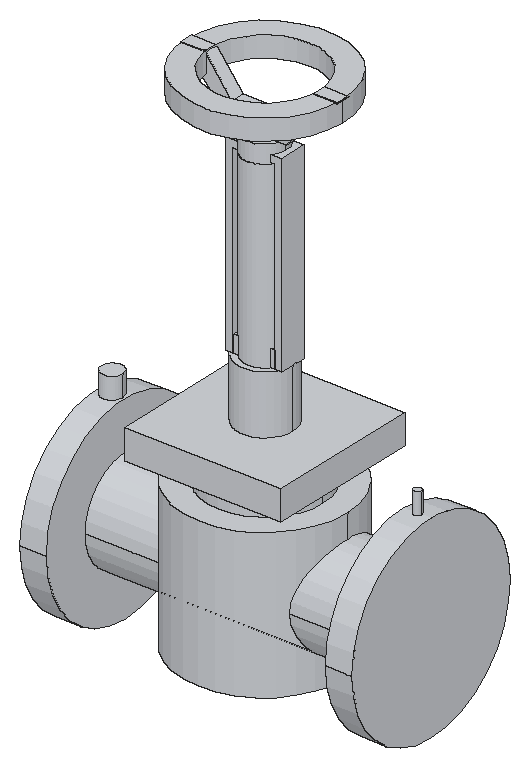
Revit family "Sigma_Compact_DN150-LF_PN16_RFA_2019", category Pipe Accessories, Revit 2019
Family settings
  Round Connector Dimension = Use Diameter
  Part Type = Valve - Breaks Into
  Work Plane-Based = No
  Always vertical = Yes
  Cut with Voids When Loaded = No
  Shared = No
Parameters (values of type "Sigma Compact DN 150 LF PN16")
  magiProductId = "cb5ac98de80a46389b4a96eb8539c2"
  magiProductFamilyId = "111bdfd32e424cd9a1e5f1ca7ea2b6"
  magiPartTypeId = 304
  isMeasuringValve [instance] = no
  ang2D [instance] = 0.00°
  W2D = 50 mm
  VersionID = "2.0/2018.12.13.2/FRESE_SIGMA_C_BIG_Q13_001"
  Use Minimum Symbol Size [instance] = no
  URL = "www.hydronix.cz"
  Type Comments = "přírubový; PN16; max dp=800kPa; 0~+110°C; max uzavírací tlak 1MPa"
  R4 = 84 mm
  R3 = 74.1 mm
  R1 = 120 mm
  QmdConnectorList = "301;D;302;D"
  Productdata [instance] = ""
  Manufacturer = "Hydronix"
  Maintenance Zone Under Depth [instance] = 100 mm
  Maintenance Zone Right Depth [instance] = 100 mm
  Maintenance Zone Over Depth [instance] = 100 mm
  Maintenance Zone Left Depth [instance] = 100 mm
  Maintenance Zone Front Depth [instance] = 100 mm
  Maintenance Zone Back Depth [instance] = 100 mm
  Maintenance Zone Front Visibility [instance] = no
  MC Use Limits From Balancing Method = no
  MC Throttling Minimum Value = 0
  MC Throttling Maximum Value = 0
  MC Product Code = "53-2405 DN150; PN16; (25600-148000 l/h); kvs=250"
  MC Pressure Drop Minimum Value = 0.0 Pa
  MC Pressure Drop Maximum Value = 0.0 Pa
  MC Piping Given Pressure Drop [instance] = 0.0 Pa
  LF__ve = -LF  # -38.4 mm
  LF2 = 19.2 mm
  LF = 38.4 mm
  L432 = 39.48 mm
  L43 = 78.96 mm
  L42 = 112.8 mm
  L4 = 225.6 mm
  L3 = 403.2 mm
  L2D_Min = 30.48 mm
  L2D = 230 mm
  L2 = 240 mm
  HH12 = 13 mm
  HH1 = 26 mm
  HDF__ve = -HDF  # -391 mm
  HDF = 391 mm
  H6 = 85 mm
  H4 = 42.75 mm
  H3 = 35.625 mm
  H2 = 106.875 mm
  H11 = 213.75 mm
  H1 = 782 mm
  H = 676 mm
  Description = "Automatický vyvažovací ventil"
  DF2 = 142.5 mm
  D = 150 mm
  Clearance Zone Height Depth [instance] = 100 mm
  Clearance Zone Circular Radius [instance] = 240 mm
  Clearance Zone Visibility [instance] = no
  CAT0 = yes
Types (9, lengths in mm): name | magiProductId | Type Comments | R4 | R3 | R1 | MC Product Code | LF__ve | LF2 | LF | L432 | L43 | L42 | L4 | L3 | L2 | HH12 | HH1 | HDF__ve | HDF | H4 | H3 | H2 | H11 | H1 | H | DF2 | D | Clearance Zone Circular Radius
  Sigma Compact DN 050 LF PN16 | "7ce002c265594233b83d195dc264f1" | "přírubový; PN16; max dp=800kPa; 0~+120°C; max uzavírací tlak 1MPa" | 40.25 | 42.9 | 57.5 | "53-2400 DN50; PN16; (2480-15000 l/h); kvs=34" | -18.4 | 9.2 | 18.4 | 18.917 | 37.835 | 54.05 | 108.1 | 193.2 | 115 | 16.5 | 33 | -202 | 202 | 24.75 | 20.625 | 61.875 | 123.75 | 480 | 367 | 82.5 | 50 | 115
  Sigma Compact DN 065 LF PN16 | "7b440009bc83499eb1c9a6fd3b4fee" | "přírubový; PN16; max dp=800kPa; 0~+120°C; max uzavírací tlak 1MPa" | 50.75 | 48.1 | 72.5 | "53-2401 DN65; PN16; (4380-25000 l/h); kvs=50" | -23.2 | 11.6 | 23.2 | 23.853 | 47.705 | 68.15 | 136.3 | 243.6 | 145 | 16.5 | 33 | -199 | 199 | 27.75 | 23.125 | 69.375 | 138.75 | 497 | 384 | 92.5 | 65 | 145
  Sigma Compact DN 080 LF PN16 | "c04670cd33374e61a046fccc79a79b" | "přírubový; PN16; max dp=800kPa; 0~+120°C; max uzavírací tlak 1MPa" | 54.25 | 52 | 77.5 | "53-2402 DN80; PN16; (5340-34000 l/h); kvs=68" | -24.8 | 12.4 | 24.8 | 25.497 | 50.995 | 72.85 | 145.7 | 260.4 | 155 | 16.5 | 33 | -213 | 213 | 30 | 25 | 75 | 150 | 526 | 413 | 100 | 80 | 155
  Sigma Compact DN 100 LF PN16 | "e9669c3b3cb042d39f52f9a3f8394b" | "přírubový; PN16; max dp=800kPa; 0~+120°C; max uzavírací tlak 1MPa" | 61.25 | 61.1 | 87.5 | "53-2403 DN100; PN16; (12100-68000 l/h); kvs=115" | -28 | 14 | 28 | 28.788 | 57.575 | 82.25 | 164.5 | 294 | 175 | 34 | 68 | -331 | 331 | 35.25 | 29.375 | 88.125 | 176.25 | 714 | 566 | 117.5 | 100 | 175
  Sigma Compact DN 125 LF PN16 | "72414964175c4f3999d5daaa67221e" | "přírubový; PN16; max dp=800kPa; 0~+120°C; max uzavírací tlak 1MPa" | 70 | 70.2 | 100 | "53-2404 DN125; PN16; (18500-110000 l/h); kvs=186" | -32 | 16 | 32 | 32.9 | 65.8 | 94 | 188 | 336 | 200 | 36.5 | 73 | -338 | 338 | 40.5 | 33.75 | 101.25 | 202.5 | 761 | 608 | 135 | 125 | 200
  Sigma Compact DN 150 LF PN16 | "cb5ac98de80a46389b4a96eb8539c2" | "přírubový; PN16; max dp=800kPa; 0~+110°C; max uzavírací tlak 1MPa" | 84 | 74.1 | 120 | "53-2405 DN150; PN16; (25600-148000 l/h); kvs=250" | -38.4 | 19.2 | 38.4 | 39.48 | 78.96 | 112.8 | 225.6 | 403.2 | 240 | 13 | 26 | -391 | 391 | 42.75 | 35.625 | 106.875 | 213.75 | 782 | 676 | 142.5 | 150 | 240
  Sigma Compact DN 200 LF PN16 | "bd9983fcf82240be8b5626661ef83b" | "přírubový; PN16; max dp=800kPa; 0~+110°C; max uzavírací tlak 1MPa" | 105 | 98.8 | 150 | "53-2406 DN200; PN16; (95000-210000 l/h); kvs=371" | -48 | 24 | 48 | 49.35 | 98.7 | 141 | 282 | 504 | 300 | 29.5 | 59 | -334 | 334 | 57 | 47.5 | 142.5 | 285 | 853 | 714 | 190 | 200 | 300
  Sigma Compact DN 250 LF PN16 | "6516628c9ce0481f89e5702e575104" | "přírubový; PN16; max dp=800kPa; 0~+110°C; max uzavírací tlak 1MPa" | 127.75 | 115.44 | 182.5 | "53-2407 DN250; PN16; (190000-475000 l/h); kvs=803" | -58.4 | 29.2 | 58.4 | 60.042 | 120.085 | 171.55 | 343.1 | 613.2 | 365 | 29 | 58 | -462 | 462 | 66.6 | 55.5 | 166.5 | 333 | 1044 | 906 | 222 | 250 | 365
  Sigma Compact DN 300 LF PN16 | "f16ecb3a8ad443e99405ecd1e4779a" | "přírubový; PN16; max dp=800kPa; 0~+110°C; max uzavírací tlak 1MPa" | 148.75 | 135.2 | 212.5 | "53-2408 DN300; PN16; (190000-475000 l/h); kvs=803" | -68 | 34 | 68 | 69.912 | 139.825 | 199.75 | 399.5 | 714 | 425 | 29 | 58 | -424 | 424 | 78 | 65 | 195 | 390 | 1082 | 944 | 260 | 300 | 425
Reference planes
  plane 1 "Center (Front/Back)": y = 0
  plane 2 "XYPLANE": z = 0
  plane 3 "Center (Left/Right)": x = 0
  plane 4 "298": y = -242.5
  plane 5 "297": y = 242.5
  plane 6 "296": y = -142.5
  plane 7 "295": y = 142.5
  plane 8 "294": z = -242.5
  plane 9 "293": z = 739.5
  plane 10 "292": x = -340
  plane 11 "291": x = 340
  plane 12 "290": z = 739.5
  plane 13 "256": y = -20
  plane 14 "254": z = 536.5
  plane 15 "253": z = 546.5
  plane 16 "252": x = -40
  plane 17 "251": x = -30
  plane 18 "250": x = 40
  plane 19 "249": x = 30
  plane 20 "247": z = 270.25
  plane 21 "244": z = 533.5
  plane 22 "243": x = 112.8
  plane 23 "242": x = 78.96
  plane 24 "241": x = 39.48
  plane 25 "240": y = -10
  plane 26 "238": x = -39.48
  plane 27 "237": x = -78.96
  plane 28 "236": z = 559.5
  plane 29 "235": z = 589.5
  plane 30 "234": x = -112.8
  plane 31 "225": z = 639.5
  plane 32 "224": z = -142.5
  plane 33 "157": x = 220.8
  plane 34 "156": x = -220.8
  plane 35 "155": z = 142.5
  plane 36 "154": z = 185.25
  plane 37 "153": z = 142.5
  plane 38 "152": z = 106.875
  plane 39 "151": x = -201.6
  plane 40 "150": z = -106.875
  plane 41 "149": x = 0
  plane 42 "148": y = 0
  plane 43 "147": z = 0
  plane 44 "146": x = -240
  plane 45 "145": x = 240
Forms (mm)
  Blend 1, solid, visible <- "Maintenance Zone Front Visibility"
    base sketch origin (-750, 0, 739.5) x (1, 0, 0) y (0, 1, 0)
      loop
        line (410, 242.5) -> (410, -242.5) -> (1090, -242.5) -> (1090, 242.5) -> (410, 242.5)
    top sketch origin (-750, 0, 739.5) x (1, 0, 0) y (0, 1, 0)
      loop
        line (410, 242.5) -> (410, -242.5) -> (1090, -242.5) -> (1090, 242.5) -> (410, 242.5)
    from 0 to -982
  Blend 2, solid, visible <- "Clearance Zone Visibility"
    base sketch origin (-750, 0, 0) x (1, 0, 0) y (0, 1, 0)
      loop
        circle (750, 0) r 240
    top sketch origin (-750, 0, 0) x (1, 0, 0) y (0, 1, 0)
      loop
        circle (750, 0) r 240
    from 0 to 739.5
  Extrusion 3, solid
    sketch origin (-750, 0, 533.5) x (1, 0, 0) y (0, 1, 0)
      loop
        circle (750, 0) r 30.562
    from 0 to -391 <- "HDF__ve"
  Extrusion 4, solid
    sketch origin (-750, 0, 270.25) x (1, 0, 0) y (0, 1, 0)
      loop
        line (780, 20) -> (720, 20) -> (720, -20) -> (780, -20) -> (780, 20)
    from 0 to 25
  Extrusion 5, solid
    sketch origin (750, -20, 0) x (-1, 0, 0) y (0, 0, 1)
      loop
        line (790, 270.25) -> (790, 546.5) -> (710, 546.5) -> (710, 270.25) -> (720, 270.25) -> (720, 536.5) -> (780, 536.5) -> (780, 270.25) -> (790, 270.25)
    from 0 to 40
  Extrusion 6, solid
    sketch origin (-750, 0, 270.25) x (1, 0, 0) y (0, 1, 0)
      loop
        circle (750, 0) r 25
    from 0 to 30
  Extrusion 7, solid
    sketch origin (750, -10, 0) x (-1, 0, 0) y (0, 0, 1)
      loop
        line (828.96, 639.5) -> (789.48, 589.5) -> (750, 589.5) -> (750, 559.5) -> (789.48, 559.5) -> (862.8, 639.5) -> (828.96, 639.5)
    from 0 to 20
  Extrusion 8, solid
    sketch origin (750, -10, 0) x (-1, 0, 0) y (0, 0, 1)
      loop
        line (671.04, 639.5) -> (637.2, 639.5) -> (710.52, 559.5) -> (750, 559.5) -> (750, 589.5) -> (710.52, 589.5) -> (671.04, 639.5)
    from 0 to 20
  Extrusion 9, solid
    sketch origin (-750, 0, 533.5) x (1, 0, 0) y (0, 1, 0)
      loop
        circle (750, 0) r 30.562
    from 0 to 26 <- "HH1"
  Extrusion 10, solid
    sketch origin (-750, 0, 639.5) x (1, 0, 0) y (0, 1, 0)
      loop
        circle (750, 0) r 112.8
      loop
        circle (750, 0) r 78.96
    from 0 to -30
  Extrusion 11, solid, visible <- "CAT0"
    sketch origin (-750, 0, 142.5) x (1, 0, 0) y (0, 1, 0)
      loop
        circle (970.8, 0) r 5.5
    from 0 to 30
  Extrusion 12, solid, visible <- "CAT0"
    sketch origin (-750, 0, 142.5) x (1, 0, 0) y (0, 1, 0)
      loop
        circle (529.2, 0) r 15.5
    from 0 to 30
  Extrusion 13, solid, visible <- "CAT0"
    sketch origin (-750, 0, 185.25) x (1, 0, 0) y (0, 1, 0)
      loop
        circle (750, 0) r 40.562
    from 0 to 85 <- "H6"
  Extrusion 14, solid, visible <- "CAT0"
    sketch origin (-750, 0, 142.5) x (1, 0, 0) y (0, 1, 0)
      loop
        line (862.8, 112.8) -> (637.2, 112.8) -> (637.2, -112.8) -> (862.8, -112.8) -> (862.8, 112.8)
    from 0 to 42.75 <- "H4"
  Extrusion 15, solid, visible <- "CAT0"
    sketch origin (-750, 0, 106.875) x (1, 0, 0) y (0, 1, 0)
      loop
        circle (750, 0) r 84
    from 0 to 35.625 <- "H3"
  Extrusion 16, solid, visible <- "CAT0"
    sketch origin (-201.6, -750, 0) x (0, 1, 0) y (0, 0, 1)
      loop
        circle (750, 0) r 74.1
    from 0 to 403.2 <- "L3"
  Extrusion 17, solid, visible <- "CAT0"
    sketch origin (-750, 0, -106.875) x (1, 0, 0) y (0, 1, 0)
      loop
        circle (750, 0) r 120
    from 0 to 213.75 <- "H11"
  Extrusion 18, solid, visible <- "CAT0"
    sketch origin (-240, -750, 0) x (0, 1, 0) y (0, 0, 1)
      loop
        circle (750, 0) r 142.5
    from 0 to 38.4 <- "LF"
  Extrusion 19, solid, visible <- "CAT0"
    sketch origin (240, -750, 0) x (0, 1, 0) y (0, 0, 1)
      loop
        circle (750, 0) r 142.5
    from 0 to -38.4 <- "LF__ve"
  Extrusion 20, solid, not visible
    sketch origin (-240, -750, 0) x (0, 1, 0) y (0, 0, 1)
      loop
        circle (750, 0) r 10
    from 0 to 10
  Extrusion 21, solid, not visible
    sketch origin (240, -750, 0) x (0, 1, 0) y (0, 0, 1)
      loop
        circle (750, 0) r 10
    from 0 to -10
Lines and regions (mm)
  reference lines, not visible
    curve 1: circle (2, 2, 0) r 1 normal (0, 0, 1)
  reference lines
    curve 2: circle (0, 0, 142.5) r 1 normal (0, 0, 1)
Dimensions and locks
  plane 1 "Center (Front/Back)" to curve 1 = 2 mm
  "Maintenance Zone Front Depth": plane 6 "296" to plane 4 "298"
  "Maintenance Zone Back Depth": plane 7 "295" to plane 5 "297"
  "DF2": plane 42 "148" to plane 6 "296"
  "DF2": plane 42 "148" to plane 7 "295"
  "Maintenance Zone Under Depth": plane 32 "224" to plane 8 "294"
  "Maintenance Zone Over Depth": plane 31 "225" to plane 9 "293"
  "Maintenance Zone Left Depth": plane 44 "146" to plane 10 "292"
  "Maintenance Zone Right Depth": plane 45 "145" to plane 11 "291"
  "Clearance Zone Height Depth": plane 31 "225" to plane 12 "290"
  locked: plane 25 "240" to plane 13 "256" at 10
  locked: plane 15 "253" to plane 14 "254" at 10
  "HH12": plane 21 "244" to plane 15 "253"
  locked: plane 17 "251" to plane 16 "252" at 10
  locked: plane 41 "149" to plane 17 "251" at 30
  locked: plane 19 "249" to plane 18 "250" at 10
  locked: plane 41 "149" to plane 19 "249" at 30
  "H6": plane 36 "154" to plane 20 "247"
  "H": plane 32 "224" to plane 21 "244"
  "L42": plane 41 "149" to plane 22 "243"
  "L43": plane 41 "149" to plane 23 "242"
  "L432": plane 41 "149" to plane 24 "241"
  locked: plane 42 "148" to plane 25 "240" at 10
  "L432": plane 41 "149" to plane 26 "238"
  "L43": plane 41 "149" to plane 27 "237"
  locked: plane 29 "235" to plane 28 "236" at 30
  locked: plane 31 "225" to plane 29 "235" at 50
  "L42": plane 41 "149" to plane 30 "234"
  "H1": plane 32 "224" to plane 31 "225"
  "DF2": plane 2 "XYPLANE" to plane 32 "224"
  "LF2": plane 45 "145" to plane 33 "157"
  "LF2": plane 44 "146" to plane 34 "156"
  "DF2": plane 2 "XYPLANE" to plane 35 "155"
  "H4": plane 37 "153" to plane 36 "154"
  "H3": plane 38 "152" to plane 37 "153"
  "H11": plane 40 "150" to plane 38 "152"
  "LF": plane 44 "146" to plane 39 "151"
  "H2": plane 2 "XYPLANE" to plane 40 "150"
  locked: plane 3 "Center (Left/Right)" to plane 41 "149"
  locked: plane 1 "Center (Front/Back)" to plane 42 "148"
  locked: plane 2 "XYPLANE" to plane 43 "147"
  "L2": plane 3 "Center (Left/Right)" to plane 44 "146"
  "L2": plane 3 "Center (Left/Right)" to plane 45 "145"
  Blend 1 sketch curve to Blend 1 sketch curve = 0 mm  (x16)
  Extrusion 4 sketch curve to Extrusion 4 sketch curve = 0 mm  (x8)
  Extrusion 5 sketch curve to Extrusion 5 sketch curve = 0 mm  (x16)
  Extrusion 7 sketch curve to Extrusion 7 sketch curve = 0 mm  (x12)
  Extrusion 8 sketch curve to Extrusion 8 sketch curve = 0 mm  (x12)
  equal spacing: Extrusion 14 sketch curve, curve 2, Extrusion 14 sketch curve  (x2)
  "L4": Extrusion 14 sketch curve to Extrusion 14 sketch curve  (x2)
  Extrusion 14 sketch curve to Extrusion 14 sketch curve = 0 mm  (x8)
  "Clearance Zone Circular Radius": radius of Blend 2 sketch curve  (x2)
  "L42": radius of Extrusion 10 sketch curve
  "L43": radius of Extrusion 10 sketch curve
  "R4": radius of Extrusion 15 sketch curve
  "R3": radius of Extrusion 16 sketch curve
  "R1": radius of Extrusion 17 sketch curve
  "DF2": radius of Extrusion 18 sketch curve
  "DF2": radius of Extrusion 19 sketch curve
  aligned and locked: level to plane 2 "XYPLANE"
  aligned and locked: Blend 1 sketch curve to plane 5 "297"  (x2)
  aligned and locked: plane 10 "292" to Blend 1 sketch curve  (x4)
  aligned and locked: plane 11 "291" to Blend 1 sketch curve  (x4)
  aligned and locked: plane 5 "297" to Blend 1 sketch curve  (x2)
  aligned and locked: plane 4 "298" to Blend 1 sketch curve  (x4)
  aligned and locked: Blend 1 to plane 8 "294"
  aligned and locked: plane 41 "149" to Blend 2 sketch curve  (x2)
  aligned and locked: plane 42 "148" to Blend 2 sketch curve  (x2)
  aligned and locked: plane 12 "290" to Blend 2
  aligned and locked: plane 41 "149" to Extrusion 3 sketch curve
  aligned and locked: plane 42 "148" to Extrusion 3 sketch curve
  aligned and locked: Extrusion 5 sketch curve to plane 16 "252"
  aligned and locked: plane 20 "247" to Extrusion 5 sketch curve  (x4)
  aligned and locked: plane 15 "253" to Extrusion 5 sketch curve  (x2)
  aligned and locked: plane 16 "252" to Extrusion 5 sketch curve
  aligned and locked: plane 18 "250" to Extrusion 5 sketch curve  (x2)
  aligned and locked: plane 19 "249" to Extrusion 5 sketch curve  (x2)
  aligned and locked: plane 14 "254" to Extrusion 5 sketch curve  (x2)
  aligned and locked: plane 17 "251" to Extrusion 5 sketch curve  (x2)
  aligned and locked: plane 41 "149" to Extrusion 6 sketch curve
  aligned and locked: plane 42 "148" to Extrusion 6 sketch curve
  aligned and locked: plane 27 "237" to Extrusion 7 sketch curve
  aligned and locked: plane 31 "225" to Extrusion 7 sketch curve  (x2)
  aligned and locked: plane 26 "238" to Extrusion 7 sketch curve  (x2)
  aligned and locked: plane 29 "235" to Extrusion 7 sketch curve  (x2)
  aligned and locked: plane 41 "149" to Extrusion 7 sketch curve  (x2)
  aligned and locked: plane 28 "236" to Extrusion 7 sketch curve  (x2)
  aligned and locked: plane 30 "234" to Extrusion 7 sketch curve
  aligned and locked: plane 23 "242" to Extrusion 8 sketch curve
  aligned and locked: plane 31 "225" to Extrusion 8 sketch curve  (x2)
  aligned and locked: plane 24 "241" to Extrusion 8 sketch curve  (x2)
  aligned and locked: plane 29 "235" to Extrusion 8 sketch curve  (x2)
  aligned and locked: plane 41 "149" to Extrusion 8 sketch curve  (x2)
  aligned and locked: plane 28 "236" to Extrusion 8 sketch curve  (x2)
  aligned and locked: plane 22 "243" to Extrusion 8 sketch curve
  aligned and locked: plane 41 "149" to Extrusion 9 sketch curve
  aligned and locked: plane 42 "148" to Extrusion 9 sketch curve
  aligned and locked: plane 41 "149" to Extrusion 10 sketch curve  (x2)
  aligned and locked: plane 42 "148" to Extrusion 10 sketch curve  (x2)
  aligned and locked: plane 33 "157" to Extrusion 11 sketch curve
  aligned and locked: plane 42 "148" to Extrusion 11 sketch curve
  aligned and locked: plane 34 "156" to Extrusion 12 sketch curve
  aligned and locked: plane 42 "148" to Extrusion 12 sketch curve
  aligned and locked: plane 41 "149" to Extrusion 13 sketch curve
  aligned and locked: plane 42 "148" to Extrusion 13 sketch curve
  aligned and locked: plane 41 "149" to curve 2
  aligned and locked: plane 42 "148" to curve 2
  aligned and locked: plane 41 "149" to Extrusion 15 sketch curve
  aligned and locked: plane 42 "148" to Extrusion 15 sketch curve
  aligned and locked: Extrusion 16 sketch curve to plane 42 "148"
  aligned and locked: plane 43 "147" to Extrusion 16 sketch curve
  aligned and locked: plane 41 "149" to Extrusion 17 sketch curve
  aligned and locked: plane 42 "148" to Extrusion 17 sketch curve
  aligned and locked: Extrusion 18 sketch curve to plane 42 "148"
  aligned and locked: plane 43 "147" to Extrusion 18 sketch curve
  aligned and locked: Extrusion 19 sketch curve to plane 42 "148"
  aligned and locked: plane 43 "147" to Extrusion 19 sketch curve
  aligned and locked: Extrusion 20 sketch curve to plane 42 "148"
  aligned and locked: plane 43 "147" to Extrusion 20 sketch curve
  aligned and locked: Extrusion 21 sketch curve to plane 42 "148"
  aligned and locked: plane 43 "147" to Extrusion 21 sketch curve
Automatic sketch dimensions
  plane 26 "238" to Extrusion 3 sketch curve = 8.917 mm
  Extrusion 4 sketch curve to plane 17 "251" = 0 mm
  Extrusion 4 sketch curve to plane 13 "256" = 0 mm
  Extrusion 4 sketch curve to plane 19 "249" = 0 mm
  Extrusion 4 sketch curve to plane 1 "Center (Front/Back)" = 20 mm
  plane 17 "251" to Extrusion 6 sketch curve = 5 mm
  plane 26 "238" to Extrusion 9 sketch curve = 8.917 mm
  Extrusion 11 sketch curve to plane 33 "157" = 5.5 mm
  plane 44 "146" to Extrusion 12 sketch curve = 3.7 mm
  Extrusion 13 sketch curve to plane 26 "238" = 1.083 mm
  Extrusion 20 sketch curve to plane 25 "240" = 0 mm
  Extrusion 21 sketch curve to plane 25 "240" = 0 mm
  plane 3 "Center (Left/Right)" to curve 1 = 2 mm
  Extrusion 14 sketch curve to plane 30 "234" = 0 mm
  plane 6 "296" to Extrusion 14 sketch curve = 29.7 mm
  radius of curve 2 = 1 mm
  radius of curve 1 = 1 mm
Connectors
  piping at (-240, 0, 0), diameter 150, driven by "D"
    settings: on Extrusion 20, index 1, connector inside diameter 609.6 mm, connector length 0 mm, flow factor 0, pipe flow 0.0 L/s, pressure drop 0.0 Pa, fitting loss kfactor 0, connector angle 0.00°, fixture units 0, engagement length 0 mm, angle of deflection 0.00°, flow configuration 0, flow direction 0, fitting loss method 0, system type 29, joint type 0, gender type 0, connector reference index 2, connector utility 0, adjustable connector no, is connector primary yes, connector description ""
  piping at (240, 0, 0), diameter 150, driven by "D"
    settings: on Extrusion 21, index 2, connector inside diameter 609.6 mm, connector length 0 mm, flow factor 0, pipe flow 0.0 L/s, pressure drop 0.0 Pa, fitting loss kfactor 0, connector angle 0.00°, fixture units 0, engagement length 0 mm, angle of deflection 0.00°, flow configuration 0, flow direction 0, fitting loss method 0, system type 29, joint type 0, gender type 0, connector reference index 1, connector utility 0, adjustable connector no, is connector primary no, connector description ""
